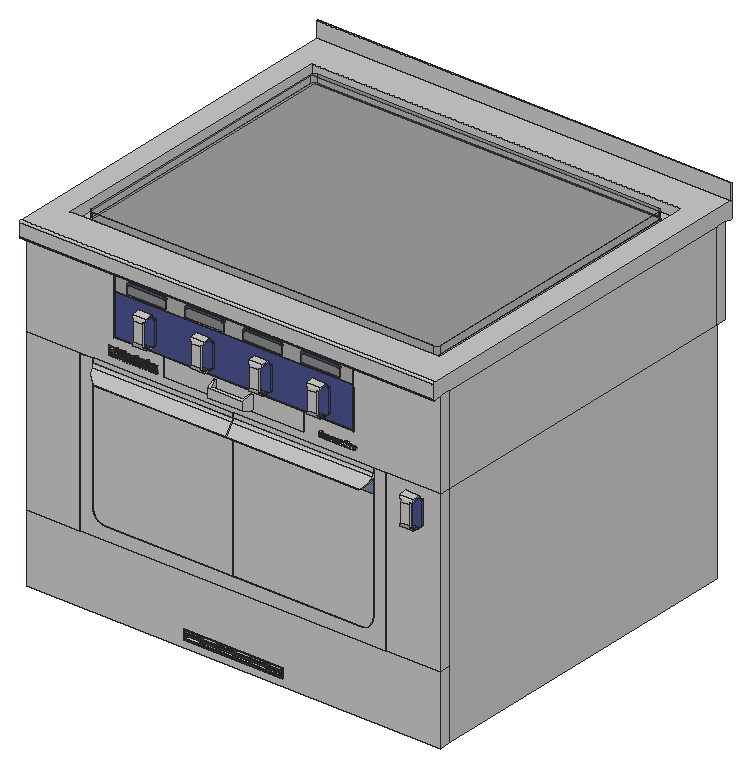
Revit family "QF_ELECTROLUXPROFESSIONAL_589702_MCLPFBJ4AO", category Attrezzature speciali, Revit 2020
Family settings
  Quota connettore circolare = Usa diametro
  Tipo di parte = Normale
  Basato su piano di lavoro = No
  Sempre verticale = Sì
  Taglio con vuoti quando caricato = No
  Condiviso = No
  Punto di calcolo locali = No
Parameters (values of type "Standard")
  Weight = 193.00 kg
  Watts = 18300 W
  Volts = 400 V
  URL Manufacturer = "https://www.electroluxprofessional.com/"
  URL = "https://www.electroluxprofessional.com/"
  Steam Supply Size = 0"
  Steam Supply Minimum Pressure = 0.00 psi
  Steam Supply Maximum Pressure = 0.00 psi
  Steam Consumption per Hour = 0
  Refrigeration Suction Line Size = 0 mm
  Refrigeration Liquid Line Size = 0 mm
  Refrigerant Compressor Remote = yes
  Prospetto di default = 0 mm
  Phase = 3
  Modello = "MCLPFBJ4AO"
  Produttore = "Electrolux Professional"
  Length Actual = 1000 mm  # constant formula
  Item Number = "589702"
  Hot Water Size = 0"
  Height Actual = 800 mm  # constant formula
  HP = "24.5 HP"
  Gas Size = 0"
  Gas KW = 0
  Gas Input Pressure = 0.0 Btu/h
  Direct Waste Size = 0"
  Descrizione = "EL.SOLID TOP,WARM.CAB.1S,BS,1000X900X8"
  Depth Actual = 900 mm  # constant formula
  Cycle = 50 Hz
  Condensate Return Size = 0"
  Compressed Air Volume = 0 GPM
  Compressed Air Size = 0"
  Compressed Air Pressure = 0.00 psi
  Cold Water Size = 0"
  Accessory = yes
Reference planes
  plane 1 "BACK": y = 0
  plane 2: z = 0
  plane 3 "LEFT": x = -100
  plane 4 "RIGHT": x = 900
  plane 5 "FRONT": y = -900
  plane 6 "TOP": z = 900
  plane 7 "Center (Left/Right)": x = 400
  plane 8: y = -450
  plane 9: z = 100
  plane 10: y = -150
  plane 11 "Panel": y = -855
  plane 12: z = 798
  plane 13: z = 1327
  plane 14: x = -22
  plane 15: x = 822
  plane 16: y = -150
  plane 17: y = -650
  plane 18 "EIx": x = 855
  plane 19 "EIy": y = -685
  plane 20: y = -880
  plane 21: z = 938
Forms (mm)
  Extrusion 1, solid, material "QF_Finishes_Stainless Steel"
    sketch origin (-178.969, -4572, 100) x (-1, 0, 0) y (0, -1, 0)
      loop
        line (-78.969, -4527) -> (-78.969, -3717) -> (-1078.969, -3717) -> (-1078.969, -4527) -> (-78.969, -4527)
    from 549.969 to 762.969
  Extrusion 2, solid, material "QF_Finishes_Stainless Steel"
    sketch origin (-100, 0, -100) x (0, 1, 0) y (0, 0, 1)
      loop
        line (-855, 200) -> (-855, 365) -> (-880, 365) -> (-880, 200) -> (-855, 200)
    from 0 to 1000
  Extrusion 3, solid, material "QF_Finishes_Stainless Steel"
    sketch origin (-488.969, -4662, 100) x (-1, 0, 0) y (0, -1, 0)
      loop
        circle (-1343.969, -3977) r 6.35
    from 0 to -11.851
  Extrusion 4, solid, material "QF_Finishes_Stainless Steel"
    sketch origin (400, 296.4, 1219.2) x (0, 1, 0) y (0, 0, 1)
      loop
        line (-296.4, -319.2) -> (-1191.4, -319.2)
        arc (-1191.4, -319.2) -> (-1194.935, -320.664) -> (-1196.4, -324.2) r 5
        line (-1196.4, -324.2) -> (-1196.4, -355.2)
        arc (-1196.4, -355.2) -> (-1194.971, -358.264) -> (-1191.705, -359.139) r 4
        line (-1191.705, -359.139) -> (-1176.4, -356.231) -> (-316.4, -356.231) -> (-301.094, -359.139)
        arc (-301.094, -359.139) -> (-297.829, -358.264) -> (-296.4, -355.2) r 4
        line (-296.4, -355.2) -> (-296.4, -319.2)
    from -500 to 500
  Extrusion 5, solid, material "QF_Finishes_Electrolux_Black Smoke Iluminated"
    sketch origin (0, 0, 900) x (-1, 0, 0) y (0, -1, 0)
      loop
        arc (12, 109) -> (19.071, 111.929) -> (22, 119) r 10
        line (22, 119) -> (22, 780)
        arc (22, 780) -> (19.071, 787.071) -> (12, 790) r 10
        line (12, 790) -> (-812, 790)
        arc (-812, 790) -> (-819.071, 787.071) -> (-822, 780) r 10
        line (-822, 780) -> (-822, 119)
        arc (-822, 119) -> (-819.071, 111.929) -> (-812, 109) r 10
        line (-812, 109) -> (12, 109)
    from 0 to -20
  Extrusion 6, solid, material "QF_Finishes_Stainless Steel"
    sketch origin (-178.969, -4572, 100) x (-1, 0, 0) y (0, -1, 0)
      loop
        line (-78.969, -4527) -> (-78.969, -3717) -> (-1078.969, -3717) -> (-1078.969, -4527) -> (-78.969, -4527)
    from 549.969 to 0
  Extrusion 7, void
    sketch origin (0, -855, -100) x (-1, 0, 0) y (0, 0, 1)
      loop
        line (-520, 216.594) -> (-280, 216.594) -> (-280, 241.594) -> (-520, 241.594) -> (-520, 216.594)
    from 0 to -25
  Extrusion 8, solid, material "QF_Finishes_Black"
    sketch origin (0, -855, -100) x (-1, 0, 0) y (0, 0, 1)
      loop
        line (-280, 241.594) -> (-520, 241.594) -> (-520, 216.594) -> (-280, 216.594) -> (-280, 241.594)
      loop
        line (-282, 239.594) -> (-319.131, 239.594) -> (-319.131, 230.094) -> (-282, 230.094) -> (-282, 239.594)
      loop
        line (-282, 218.594) -> (-282, 228.094) -> (-319.131, 228.094) -> (-319.131, 218.594) -> (-282, 218.594)
      loop
        line (-321.131, 239.594) -> (-359.066, 239.594) -> (-359.066, 230.094) -> (-321.131, 230.094) -> (-321.131, 239.594)
      loop
        line (-399, 239.594) -> (-399, 230.094) -> (-361.066, 230.094) -> (-361.066, 239.594) -> (-399, 239.594)
      loop
        line (-401, 239.594) -> (-438.934, 239.594) -> (-438.934, 230.094) -> (-401, 230.094) -> (-401, 239.594)
      loop
        line (-359.066, 218.594) -> (-321.131, 218.594) -> (-321.131, 228.094) -> (-359.066, 228.094) -> (-359.066, 218.594)
      loop
        line (-361.066, 218.594) -> (-361.066, 228.094) -> (-399, 228.094) -> (-399, 218.594) -> (-361.066, 218.594)
      loop
        line (-401, 228.094) -> (-438.934, 228.094) -> (-438.934, 218.594) -> (-401, 218.594) -> (-401, 228.094)
      loop
        line (-518, 239.594) -> (-518, 230.094) -> (-480.869, 230.094) -> (-480.869, 239.594) -> (-518, 239.594)
      loop
        line (-518, 218.594) -> (-480.869, 218.594) -> (-480.869, 228.094) -> (-518, 228.094) -> (-518, 218.594)
      loop
        line (-478.869, 239.594) -> (-478.869, 230.094) -> (-440.934, 230.094) -> (-440.934, 239.594) -> (-478.869, 239.594)
      loop
        line (-440.934, 218.594) -> (-440.934, 228.094) -> (-478.869, 228.094) -> (-478.869, 218.594) -> (-440.934, 218.594)
    from -25.03 to -20
  Extrusion 9, void
    sketch origin (0, 0, 900) x (-1, 0, 0) y (0, -1, 0)
      loop
        line (47, 815) -> (-847, 815) -> (-847, 84) -> (47, 84) -> (47, 815)
    from 0 to -25
  Extrusion 10, solid, material "QF_Finishes_Stainless Steel"
    sketch origin (0, 0, 900) x (-1, 0, 0) y (0, -1, 0)
      loop
        line (18, 113) -> (18, 786) -> (-818, 786) -> (-818, 113) -> (18, 113)
    from -20 to -25
  Extrusion 11, solid, material "QF_Finishes_Stainless Steel"
    sketch origin (400, 296.4, 1219.169) x (0, 1, 0) y (0, 0, 1)
      loop
        line (-341.4, -356.2) -> (-341.4, -569.2) -> (-316.4, -569.2) -> (-316.4, -356.2) -> (-341.4, -356.2)
    from -500 to 500
  Extrusion 12, solid, material "QF_Finishes_Stainless Steel"
    sketch origin (0, -900, 0) x (1, 0, 0) y (0, 0, 1)
      loop
        line (-100, 649.969) -> (-100, 265) -> (30, 265) -> (30, 649.969) -> (-100, 649.969)
      loop
        line (900, 650) -> (770, 650) -> (770, 265) -> (900, 265) -> (900, 650)
    from -45 to -20
  Extrusion 13, solid, material "QF_Finishes_Stainless Steel"
    sketch origin (0, -900, 0) x (1, 0, 0) y (0, 0, 1)
      loop
        line (32, 265) -> (768, 265) -> (768, 650) -> (740, 650) -> (740, 327)
        arc (740, 327) -> (730.627, 304.373) -> (708, 295) r 32
        line (708, 295) -> (92, 295)
        arc (92, 295) -> (69.373, 304.373) -> (60, 327) r 32
        line (60, 327) -> (60, 649.969) -> (32, 649.969) -> (32, 265)
    from -45 to -20
  Extrusion 14, solid, material "QF_Finishes_Stainless Steel"
    sketch origin (-100, 0, 0) x (0, 1, 0) y (0, 0, 1)
      loop
        line (0, 900) -> (0, 938) -> (-2, 938) -> (-2, 900) -> (0, 900)
    from 0 to 1000
Cuts and joins
  Extrusion 7 cuts Extrusion 6
  Extrusion 7 cuts Extrusion 2
  Extrusion 9 cuts Extrusion 4
Lines and regions (mm)
  symbolic lines
    curve 1: line (-100, 0, 100) -> (900, 0, 100)
    curve 2: line (-100, -900, 100) -> (-100, 0, 100)
    curve 3: line (900, -900, 100) -> (-100, -900, 100)
    curve 4: line (900, 0, 100) -> (900, -900, 100)
    curve 5: line (812, -109, 100) -> (-12, -109, 100)
    curve 6: line (-22, -119, 100) -> (-22, -780, 100)
    curve 7: line (-12, -790, 100) -> (812, -790, 100)
    curve 8: line (822, -780, 100) -> (822, -119, 100)
    curve 9: arc (-12, -109, 100) -> (-19.071, -111.929, 100) -> (-22, -119, 100) r 10
    curve 10: arc (822, -119, 100) -> (819.071, -111.929, 100) -> (812, -109, 100) r 10
    curve 11: arc (812, -790, 100) -> (819.071, -787.071, 100) -> (822, -780, 100) r 10
    curve 12: arc (-22, -780, 100) -> (-19.071, -787.071, 100) -> (-12, -790, 100) r 10
    curve 13: line (847, -84, 900) -> (-47, -84, 900)
    curve 14: line (-47, -84, 900) -> (-47, -815, 900)
    curve 15: line (847, -815, 900) -> (847, -84, 900)
    curve 16: line (-47, -815, 900) -> (847, -815, 900)
  model lines, style "SpecialityEquipment"
    curve 17: arc (634, -211, 900) -> (580.967, -339.033, 900) -> (709, -286, 900) r 75
    curve 18: line (689, -286, 900) -> (729, -286, 900)
    curve 19: line (729, -286, 900) -> (709, -266, 900)
    curve 20: line (689, -286, 900) -> (709, -266, 900)
    curve 21: arc (166, -211, 900) -> (112.967, -339.033, 900) -> (241, -286, 900) r 75
    curve 22: line (221, -286, 900) -> (261, -286, 900)
    curve 23: line (261, -286, 900) -> (241, -266, 900)
    curve 24: line (221, -286, 900) -> (241, -266, 900)
    curve 25: arc (634, -539, 900) -> (580.967, -667.033, 900) -> (709, -614, 900) r 75
    curve 26: line (689, -614, 900) -> (729, -614, 900)
    curve 27: line (729, -614, 900) -> (709, -594, 900)
    curve 28: line (689, -614, 900) -> (709, -594, 900)
    curve 29: arc (166, -539, 900) -> (112.967, -667.033, 900) -> (241, -614, 900) r 75
    curve 30: line (221, -614, 900) -> (261, -614, 900)
    curve 31: line (261, -614, 900) -> (241, -594, 900)
    curve 32: line (221, -614, 900) -> (241, -594, 900)
  symbolic lines, style "SpecialityEquipment"
    curve 33: line (-100, -2, 0) -> (900, -2, 0)
Dimensions and locks
  plane 3 "LEFT" to plane 4 "RIGHT" = 1000 mm
  plane 5 "FRONT" to plane 1 "BACK" = 900 mm
  plane 3 "LEFT" to plane 7 "Center (Left/Right)" to plane 4 "RIGHT" = 500 mm, 500 mm
  equal spacing: plane 5 "FRONT", plane 8, plane 1 "BACK"
  plane 6 "TOP" to level = 900 mm  (x2)
  plane 9 to level = 100 mm
  plane 1 "BACK" to plane 10 to plane 11 "Panel" = 150 mm, 705 mm  (x2)
  plane 6 "TOP" to plane 9 to level = 800 mm, 100 mm
  plane 1 "BACK" to plane 5 "FRONT" = 900 mm
  plane 1 "BACK" to Extrusion 3 = 685 mm
  plane 12 to plane 9 = 698 mm
  plane 13 to plane 6 "TOP" = 427 mm
  plane 6 "TOP" to plane 12 = 102 mm
  plane 14 to plane 3 "LEFT" = 78 mm
  plane 15 to plane 4 "RIGHT" = 78 mm
  locked: plane 1 "BACK" to plane 16 at 150
  locked: plane 16 to plane 17 at 500
  plane 11 "Panel" to plane 5 "FRONT" = 45 mm
  plane 18 "EIx" to plane 4 "RIGHT" = 45 mm
  plane 19 "EIy" to plane 1 "BACK" = 685 mm
  locked: plane 11 "Panel" to plane 20 at 25
  plane 21 to plane 6 "TOP" = 38 mm
  aligned and locked: level to plane 2
  aligned and locked: Extrusion 2 to plane 4 "RIGHT"
  aligned and locked: cut or joined group of Extrusion 4, Extrusion 9 to plane 3 "LEFT"
  aligned and locked: cut or joined group of Extrusion 4, Extrusion 9 to plane 4 "RIGHT"
  aligned and locked: cut or joined group of Extrusion 6, Extrusion 7 to plane 4 "RIGHT"
  aligned and locked: cut or joined group of Extrusion 6, Extrusion 7 to plane 3 "LEFT"
  aligned and locked: nested 2 to plane 11 "Panel"
  aligned and locked: Extrusion 1 to plane 11 "Panel"
  aligned and locked: plane 11 "Panel" to cut or joined group of Extrusion 2, Extrusion 7
  aligned and locked: nested 1 to plane 20
  aligned and locked: Extrusion 11 to plane 4 "RIGHT"
  aligned and locked: Extrusion 1 to plane 3 "LEFT"
  aligned and locked: Extrusion 11 to plane 3 "LEFT"
  aligned and locked: Extrusion 1 to plane 4 "RIGHT"
  aligned and locked: plane 7 "Center (Left/Right)" to nested 3
  aligned and locked: Extrusion 12 to nested 2
  aligned and locked: plane 20 to Extrusion 12
  aligned and locked: plane 11 "Panel" to Extrusion 13
  aligned and locked: plane 20 to Extrusion 13
Automatic sketch dimensions
  curve 33 to plane 3 "LEFT" = 0 mm
  curve 33 to plane 4 "RIGHT" = 0 mm
  plane 1 "BACK" to curve 33 = 2 mm
  Extrusion 1 sketch curve to plane 4 "RIGHT" = 0 mm
  Extrusion 1 sketch curve to plane 3 "LEFT" = 0 mm
  Extrusion 1 sketch curve to plane 11 "Panel" = 0 mm
  plane 1 "BACK" to Extrusion 1 sketch curve = 45 mm
  Extrusion 2 sketch curve to plane 9 = 0 mm
  Extrusion 2 sketch curve to plane 20 = 0 mm
  Extrusion 2 sketch curve to plane 11 "Panel" = 0 mm
  plane 9 to Extrusion 2 sketch curve = 165 mm
  plane 1 "BACK" to curve 1 = 0 mm
  curve 1 to plane 4 "RIGHT" = 0 mm
  curve 8 to plane 15 = 0 mm
  curve 6 to plane 14 = 0 mm
  curve 2 to plane 3 "LEFT" = 0 mm
  plane 5 "FRONT" to curve 3 = 0 mm
  plane 15 to curve 5 = 10 mm
  plane 15 to curve 11 = 10 mm
  curve 5 to plane 14 = 10 mm
  curve 12 to curve 12 = 10 mm
  plane 10 to curve 5 = 41 mm
  plane 11 "Panel" to curve 11 = 75 mm
  Extrusion 3 sketch curve to plane 18 "EIx" = 0 mm
  Extrusion 3 sketch curve to plane 19 "EIy" = 0 mm
  Extrusion 4 sketch curve to plane 5 "FRONT" = 0 mm
  Extrusion 4 sketch curve to plane 6 "TOP" = 0 mm
  Extrusion 4 sketch curve to plane 20 = 0 mm
  Extrusion 4 sketch curve to plane 1 "BACK" = 0 mm
  Extrusion 4 sketch curve to Extrusion 4 sketch curve = 4 mm
  Extrusion 4 sketch curve to Extrusion 4 sketch curve = 0.695 mm
  Extrusion 4 sketch curve to plane 5 "FRONT" = 5 mm
  plane 1 "BACK" to Extrusion 4 sketch curve = 20 mm
  plane 1 "BACK" to Extrusion 4 sketch curve = 4.695 mm
  plane 1 "BACK" to Extrusion 4 sketch curve = 4 mm
  Extrusion 4 sketch curve to Extrusion 4 sketch curve = 31 mm
  Extrusion 4 sketch curve to Extrusion 4 sketch curve = 36 mm
  Extrusion 4 sketch curve to Extrusion 4 sketch curve = 2.909 mm
  Extrusion 5 sketch curve to plane 15 = 0 mm
  Extrusion 5 sketch curve to plane 14 = 0 mm
  plane 15 to Extrusion 5 sketch curve = 10 mm  (x2)
  Extrusion 5 sketch curve to Extrusion 5 sketch curve = 10 mm  (x2)
  plane 10 to Extrusion 5 sketch curve = 41 mm
  plane 11 "Panel" to Extrusion 5 sketch curve = 75 mm
  Extrusion 6 sketch curve to plane 4 "RIGHT" = 0 mm
  Extrusion 6 sketch curve to plane 3 "LEFT" = 0 mm
  Extrusion 6 sketch curve to plane 11 "Panel" = 0 mm
  plane 1 "BACK" to Extrusion 6 sketch curve = 45 mm
  plane 9 to Extrusion 7 sketch curve = 41.594 mm
  plane 7 "Center (Left/Right)" to Extrusion 7 sketch curve = 120 mm
  Extrusion 7 sketch curve to plane 7 "Center (Left/Right)" = 120 mm
  plane 9 to Extrusion 7 sketch curve = 16.594 mm
  plane 9 to Extrusion 8 sketch curve = 41.594 mm
  plane 7 "Center (Left/Right)" to Extrusion 8 sketch curve = 120 mm
  Extrusion 8 sketch curve to Extrusion 8 sketch curve = 2 mm  (x15)
  Extrusion 8 sketch curve to Extrusion 8 sketch curve = 0 mm  (x16)
  Extrusion 8 sketch curve to Extrusion 8 sketch curve = 37.131 mm  (x2)
  Extrusion 8 sketch curve to Extrusion 8 sketch curve = 37.934 mm  (x3)
  plane 7 "Center (Left/Right)" to Extrusion 8 sketch curve = 1 mm  (x2)
  Extrusion 8 sketch curve to plane 7 "Center (Left/Right)" = 1 mm  (x2)
  plane 9 to Extrusion 8 sketch curve = 18.594 mm  (x4)
  Extrusion 8 sketch curve to Extrusion 8 sketch curve = 9.5 mm  (x6)
  plane 18 "EIx" to Extrusion 9 sketch curve = 8 mm
  plane 14 to Extrusion 9 sketch curve = 25 mm
  plane 10 to Extrusion 9 sketch curve = 66 mm
  plane 11 "Panel" to Extrusion 9 sketch curve = 40 mm
  plane 15 to Extrusion 10 sketch curve = 4 mm
  Extrusion 10 sketch curve to plane 14 = 4 mm
  plane 10 to Extrusion 10 sketch curve = 37 mm
  plane 11 "Panel" to Extrusion 10 sketch curve = 69 mm
  plane 18 "EIx" to curve 16 = 8 mm
  plane 15 to curve 19 = 93 mm
  curve 27 to plane 17 = 36 mm
  plane 15 to curve 27 = 93 mm
  curve 26 to curve 27 = 20 mm
  curve 18 to curve 20 = 20 mm
  curve 19 to curve 20 = 20 mm
  curve 28 to curve 26 = 20 mm
  curve 18 to curve 17 = 55 mm
  curve 26 to curve 25 = 55 mm
  curve 31 to plane 17 = 36 mm
  curve 31 to plane 7 "Center (Left/Right)" = 139 mm
  curve 23 to plane 7 "Center (Left/Right)" = 139 mm
  curve 22 to curve 24 = 20 mm
  curve 30 to curve 31 = 20 mm
  curve 32 to curve 32 = 20 mm
  curve 23 to curve 24 = 20 mm
  curve 22 to curve 21 = 55 mm
  curve 30 to curve 29 = 55 mm
  plane 14 to curve 14 = 25 mm
  curve 22 to plane 10 = 136 mm
  curve 18 to plane 10 = 136 mm
  plane 10 to curve 13 = 66 mm
  plane 11 "Panel" to curve 15 = 40 mm
  curve 25 to curve 26 = 20 mm
  curve 17 to curve 18 = 20 mm
  curve 29 to curve 30 = 20 mm
  curve 21 to curve 22 = 20 mm
  plane 1 "BACK" to Extrusion 11 sketch curve = 45 mm
  plane 1 "BACK" to Extrusion 11 sketch curve = 20 mm
  Extrusion 11 sketch curve to plane 12 = 148.031 mm
  Extrusion 11 sketch curve to plane 6 "TOP" = 37.031 mm
  Extrusion 12 sketch curve to plane 3 "LEFT" = 0 mm
  plane 4 "RIGHT" to Extrusion 12 sketch curve = 0 mm
  Extrusion 12 sketch curve to plane 14 = 52 mm
  plane 15 to Extrusion 12 sketch curve = 52 mm
  plane 9 to Extrusion 12 sketch curve = 165 mm  (x2)
  Extrusion 12 sketch curve to plane 12 = 148.031 mm
  Extrusion 12 sketch curve to plane 12 = 148 mm
  Extrusion 13 sketch curve to plane 14 = 54 mm
  Extrusion 13 sketch curve to Extrusion 13 sketch curve = 28 mm
  Extrusion 13 sketch curve to Extrusion 13 sketch curve = 32 mm  (x2)
  plane 15 to Extrusion 13 sketch curve = 114 mm
  plane 15 to Extrusion 13 sketch curve = 54 mm
  plane 9 to Extrusion 13 sketch curve = 165 mm
  Extrusion 13 sketch curve to Extrusion 13 sketch curve = 30 mm
  Extrusion 13 sketch curve to plane 12 = 148.031 mm
  Extrusion 13 sketch curve to plane 12 = 148 mm
  Extrusion 14 sketch curve to plane 6 "TOP" = 0 mm
  Extrusion 14 sketch curve to plane 21 = 0 mm
  Extrusion 14 sketch curve to plane 1 "BACK" = 0 mm
  Extrusion 14 sketch curve to Extrusion 14 sketch curve = 2 mm
  radius of Extrusion 3 sketch curve = 6.35 mm
Nested families
  nested 1: "FIT Range Control Handle" at (835, -883.137, -372.751), type "FIT Range Control Handle"
  nested 2: "Front_Panel_W1000_Four Knobs" at (102.376, -855, 0), type "Front_Panel_W1000_Four Knobs"
  nested 3: "H450H2W1000_2DOOR" at (363.958, -855, 200) x (1, 0, 0) z (0, -1, 0), type "H450H2W1000_2DOOR"
    with Width 680 mm, Wdoor 340 mm, Show Clearance yes
  nested 4: "Warm" at (900, -900, 0), type "Warm"
Connectors
  electrical at (855, -685, 88.149)
    settings: on Extrusion 3, index 1, voltage 400 V, apparent load 33000 VA, apparent load phase1 0 VA, apparent load phase2 0 VA, apparent load phase3 0 VA, power factor 1, load classification "Other", number of poles 1, system type 30, power factor state 1, is connector primary yes, connector utility no, sub classification motor no, connector description "ELECTRICAL CONNECTION"
Definition of nested family "FIT Range Control Handle"
  Parameters
    Default Elevation = 0 mm
  Reference planes
    plane 1 "Center (Front/Back)": y = 0
    plane 2: z = 0
    plane 3 "Center (Left/Right)": x = 0
    plane 4: z = 971.092
    plane 5: y = -16.8
  Forms (mm)
    Extrusion 1, solid
      sketch origin (-746.28, 380.497, 208.931) x (-1, 0, 0) y (0, 0, 1)
        loop
          line (-770.101, 786.798) -> (-770.101, 731.649)
          arc (-770.101, 731.649) -> (-769.759, 730.563) -> (-768.855, 729.87) r 1.893
          line (-768.855, 729.87) -> (-763.474, 727.911) -> (-729.81, 727.911) -> (-724.428, 729.87)
          arc (-724.428, 729.87) -> (-723.525, 730.563) -> (-723.183, 731.649) r 1.893
          line (-723.183, 731.649) -> (-723.183, 786.798)
          arc (-723.183, 786.798) -> (-723.529, 787.894) -> (-724.44, 788.593) r 1.91
          line (-724.44, 788.593) -> (-729.683, 790.819) -> (-763.601, 790.819) -> (-768.844, 788.593)
          arc (-768.844, 788.593) -> (-769.755, 787.894) -> (-770.101, 786.798) r 1.91
      from -382.35 to -378.852
    Sweep 2, solid
      path origin (-746.788, 380.496, 208.091) x (0, -1, 0) y (0, 0, 1)
        loop
          line (379.775, 793.281) -> (395.661, 791.048)
          arc (395.661, 791.048) -> (397.781, 787.377) -> (398.517, 783.202) r 12.207
          line (398.517, 783.202) -> (398.517, 737.368)
          arc (398.517, 737.368) -> (397.781, 733.193) -> (395.661, 729.522) r 12.207
          line (395.661, 729.522) -> (379.775, 727.289)
      profile origin (-746.788, -7.222, 1000.256) x (0, -0.139173, 0.990268) y (-1, 0, 0)
        loop
          line (0.782, -763.123) -> (0.782, -730.907) -> (-1.322, -730.907) -> (-1.322, -763.123) -> (0.782, -763.123)
    Sweep 3, solid
      path origin (-746.788, 380.715, 207.832) x (0, -1, 0) y (0, 0, 1)
        loop
          line (380.478, 795.442) -> (397.218, 793.09)
          arc (397.218, 793.09) -> (399.929, 788.473) -> (400.871, 783.202) r 15.207
          line (400.871, 783.202) -> (400.871, 737.584)
          arc (400.871, 737.584) -> (399.914, 732.274) -> (397.164, 727.633) r 15.207
          line (397.164, 727.633) -> (380.601, 725.305)
      profile origin (-746.788, -8.132, 1002.099) x (0, -0.139173, 0.990268) y (-1, 0, 0)
        loop
          line (0.782, -763.123) -> (0.782, -730.907) -> (-1.322, -730.907) -> (-1.322, -763.123) -> (0.782, -763.123)
    Extrusion 4, void
      sketch origin (889.253, 220.666, 207.993) x (1, 0, 0) y (0, 0, 1)
        loop
          line (-943.038, 816.854) -> (-943.038, 703.686) -> (-899.466, 734.196) -> (-899.466, 786.344) -> (-943.038, 816.854)
      from 230.636 to 242.25
    Extrusion 5, void
      sketch origin (-888.8, 220.666, 207.993) x (-1, 0, 0) y (0, 0, -1)
        loop
          line (-943.038, -816.854) -> (-899.466, -786.344) -> (-899.466, -734.196) -> (-943.038, -703.686) -> (-943.038, -816.854)
      from 230.636 to 242.25
    Extrusion 6, solid
      sketch origin (0, 0, 0) x (1, 0, 0) y (0, 0, 1)
        loop
          circle (0, 971.092) r 7.736
      from -3.137 to -1.645
  Cuts and joins
    Extrusion 4, Extrusion 5 cuts Sweep 3
    Extrusion 4, Extrusion 5 cuts Sweep 2
    joined: Extrusion 1, Extrusion 6
  Lines and regions (mm)
    symbolic lines
      curve 1: line (-15.881, -19.189, 0) -> (-15.881, -16.8, 0)
      curve 2: line (16.334, -19.189, 0) -> (16.334, -16.8, 0)
      curve 3: spline (-15.881, -19.189, 0) -> (-15.417, -19.349, 0) -> (-14.951, -19.501, 0) -> (-14.483, -19.646, 0) -> (-14.014, -19.783, 0) -> (-13.543, -19.912, 0) -> (-13.071, -20.033, 0) -> (-12.597, -20.146, 0) -> (-12.122, -20.251, 0) -> (-11.646, -20.349, 0) -> (-11.169, -20.438, 0) -> (-10.691, -20.52, 0) -> (-10.213, -20.593, 0)
      curve 4: spline (10.666, -20.593, 0) -> (11.144, -20.52, 0) -> (11.622, -20.438, 0) -> (12.099, -20.349, 0) -> (12.575, -20.251, 0) -> (13.05, -20.146, 0) -> (13.524, -20.033, 0) -> (13.996, -19.912, 0) -> (14.467, -19.783, 0) -> (14.936, -19.646, 0) -> (15.404, -19.501, 0) -> (15.87, -19.349, 0) -> (16.334, -19.189, 0)
      curve 5: line (-10.213, -20.938, 0) -> (10.716, -20.938, 0)
  Dimensions and locks
    cut or joined group of Sweep 3, Extrusion 4, Extrusion 5 to cut or joined group of Sweep 3, Extrusion 4, Extrusion 5 = 71.686 mm
Definition of nested family "Front_Panel_W1000_Four Knobs"
  Parameters
    Default Elevation = 0 mm
  Reference planes
    plane 1 "Center (Front/Back)": y = 0
    plane 2: z = 0
    plane 3 "Center (Left/Right)": x = 297.624
    plane 4 "Left": x = -202.376
    plane 5 "Right": x = 797.624
    plane 6: y = -45
    plane 7: x = 87.624
    plane 8: x = 227.624
    plane 9: y = -310
    plane 10: y = -25
    plane 11: x = -2.376
    plane 12: x = 367.624
    plane 13: x = 507.624
    plane 14: x = 594.715
  Forms (mm)
    Extrusion 1, solid
      sketch origin (833.217, 829.203, -1.25) x (0, 1, 0) y (0, 0, 1)
        loop
          line (-854.203, 651.25) -> (-829.203, 651.25) -> (-829.203, 864.25) -> (-854.203, 864.25) -> (-854.203, 651.25)
      from -1035.593 to -35.593
    Extrusion 2, void
      sketch origin (0, 0, 0) x (1, 0, 0) y (0, 0, 1)
        loop
          line (7.624, 853.866) -> (7.624, 711.866) -> (587.624, 711.866) -> (587.624, 853.866) -> (7.624, 853.866)
      from 19.387 to 33.951
    Extrusion 3, void
      sketch origin (0, 0, 0) x (1, 0, 0) y (0, 0, 1)
        loop
          line (128.624, 711.866) -> (128.624, 668.866) -> (466.624, 668.866) -> (466.624, 711.866) -> (128.624, 711.866)
      from 19.387 to 25
    Extrusion 4, solid
      sketch origin (150, 0, 1) x (1, 0, 0) y (0, 0, 1)
        loop
          line (-21.376, 710.866) -> (-21.376, 667.866) -> (316.624, 667.866) -> (316.624, 710.866) -> (-21.376, 710.866)
      from 19.387 to 25
    Extrusion 5, solid
      sketch origin (150, 0, 1) x (1, 0, 0) y (0, 1, 0)
        loop
          line (106.059, -25) -> (100.966, -25) -> (105.646, -49.075) -> (189.603, -49.075) -> (194.283, -25) -> (189.189, -25) -> (185.481, -44.075) -> (109.767, -44.075) -> (106.059, -25)
      from 672.593 to 705.67
    Extrusion 6, void
      sketch origin (297.624, 0, 1) x (0, 1, 0) y (0, 0, 1)
        loop
          line (-30, 705.67) -> (-30, 710.67) -> (-56.744, 710.67) -> (-56.744, 667.593) -> (-30, 667.593) -> (-30, 672.593) -> (-53.776, 680.318) -> (-53.776, 697.945) -> (-30, 705.67)
      from -50 to 50
    Extrusion 7, solid, detail levels coarse
      sketch origin (150, -265, 1) x (1, 0, 0) y (0, 1, 0)
        loop
          line (106.164, -71.744) -> (189.084, -71.744) -> (194.283, -45) -> (316.624, -45) -> (316.624, 240) -> (-21.376, 240) -> (-21.376, -45) -> (100.966, -45) -> (106.164, -71.744)
      from 672.593 to 705.67
    Extrusion 8, void
      sketch origin (297.624, -280, 1) x (0, 1, 0) y (0, 0, 1)
        loop
          line (-30, 705.67) -> (-30, 710.67) -> (-56.744, 710.67) -> (-56.744, 667.593) -> (-30, 667.593) -> (-30, 672.593) -> (-53.776, 680.318) -> (-53.776, 697.945) -> (-30, 705.67)
      from -50 to 50
  Cuts and joins
    Extrusion 2, Extrusion 3 cuts Extrusion 1
    Extrusion 6 cuts Extrusion 5
    Extrusion 6, Extrusion 8 cuts Extrusion 7
  Lines and regions (mm)
    symbolic lines
      curve 1: line (128.624, -45, 0) -> (128.624, -310, 0)
      curve 2: line (128.624, -310, 0) -> (466.624, -310, 0)
      curve 3: line (466.624, -310, 0) -> (466.624, -45, 0)
      curve 4: line (128.624, -300, 0) -> (466.624, -300, 0)
      curve 5: line (250.908, -309.701, 0) -> (255.587, -333.776, 0)
      curve 6: line (255.587, -333.776, 0) -> (339.545, -333.776, 0)
      curve 7: line (339.545, -333.776, 0) -> (344.225, -309.701, 0)
      curve 8: line (256.001, -309.701, 0) -> (259.709, -328.776, 0)
      curve 9: line (259.709, -328.776, 0) -> (335.423, -328.776, 0)
      curve 10: line (335.423, -328.776, 0) -> (339.131, -309.701, 0)
  Dimensions and locks
    equal spacing: plane 5 "Right", plane 3 "Center (Left/Right)", plane 4 "Left"
    plane 5 "Right" to plane 4 "Left" = 1000 mm
    plane 3 "Center (Left/Right)" to plane 7 = 210 mm
    plane 3 "Center (Left/Right)" to plane 8 = 70 mm
    plane 6 to plane 9 = 265 mm
    plane 13 to plane 3 "Center (Left/Right)" = 210 mm
    plane 12 to plane 3 "Center (Left/Right)" = 70 mm
    aligned and locked: cut or joined group of Extrusion 1, Extrusion 2, Extrusion 3 to plane 4 "Left"
    aligned and locked: plane 5 "Right" to cut or joined group of Extrusion 1, Extrusion 2, Extrusion 3
    aligned and locked: plane 3 "Center (Left/Right)" to nested 2
    aligned and locked: cut or joined group of Extrusion 1, Extrusion 2, Extrusion 3 to nested 2
  Automatic sketch dimensions
    plane 7 to Extrusion 3 sketch curve = 41 mm
    plane 3 "Center (Left/Right)" to Extrusion 3 sketch curve = 169 mm
    level to Extrusion 3 sketch curve = 668.866 mm
    Extrusion 3 sketch curve to Extrusion 3 sketch curve = 43 mm
    Extrusion 1 sketch curve to plane 1 "Center (Front/Back)" = 0 mm
    level to Extrusion 1 sketch curve = 650 mm
    plane 4 "Left" to Extrusion 2 sketch curve = 210 mm
    Extrusion 2 sketch curve to plane 5 "Right" = 210 mm
    level to Extrusion 2 sketch curve = 711.866 mm
    Extrusion 2 sketch curve to Extrusion 2 sketch curve = 142 mm
    plane 6 to curve 1 = 0 mm
    plane 6 to curve 3 = 0 mm
    plane 9 to curve 1 = 0 mm
    plane 7 to curve 1 = 41 mm
    curve 1 to curve 4 = 10 mm
    Extrusion 1 sketch curve to plane 6 = 20 mm
    Extrusion 1 sketch curve to Extrusion 1 sketch curve = 213 mm
    plane 7 to Extrusion 4 sketch curve = 41 mm
    Extrusion 4 sketch curve to plane 13 = 41 mm
    level to Extrusion 4 sketch curve = 668.866 mm
    Extrusion 4 sketch curve to Extrusion 4 sketch curve = 43 mm
    plane 10 to Extrusion 5 sketch curve = 0 mm  (x2)
    plane 8 to Extrusion 5 sketch curve = 23.342 mm
    plane 6 to Extrusion 5 sketch curve = 4.075 mm
    Extrusion 5 sketch curve to Extrusion 5 sketch curve = 4.68 mm
    Extrusion 5 sketch curve to Extrusion 5 sketch curve = 5.094 mm  (x2)
    Extrusion 5 sketch curve to plane 6 = 0.925 mm
    Extrusion 5 sketch curve to Extrusion 5 sketch curve = 4.122 mm  (x2)
    Extrusion 5 sketch curve to plane 12 = 32.143 mm
    Extrusion 5 sketch curve to Extrusion 5 sketch curve = 3.708 mm
    plane 6 to Extrusion 6 sketch curve = 11.744 mm
    plane 6 to Extrusion 6 sketch curve = 8.776 mm
    plane 10 to Extrusion 6 sketch curve = 5 mm  (x2)
    level to Extrusion 6 sketch curve = 668.593 mm
    Extrusion 6 sketch curve to Extrusion 6 sketch curve = 5 mm
    Extrusion 6 sketch curve to Extrusion 6 sketch curve = 12.725 mm  (x2)
    Extrusion 6 sketch curve to Extrusion 6 sketch curve = 17.627 mm
    Extrusion 6 sketch curve to Extrusion 6 sketch curve = 7.725 mm
    plane 10 to Extrusion 7 sketch curve = 0 mm
    Extrusion 7 sketch curve to plane 9 = 0 mm  (x2)
    plane 7 to Extrusion 7 sketch curve = 41 mm
    plane 8 to Extrusion 7 sketch curve = 23.342 mm
    Extrusion 7 sketch curve to Extrusion 7 sketch curve = 5.199 mm
    Extrusion 7 sketch curve to plane 12 = 28.54 mm
    Extrusion 7 sketch curve to plane 12 = 23.342 mm
    Extrusion 7 sketch curve to plane 13 = 41 mm
    Extrusion 7 sketch curve to plane 9 = 26.744 mm
    Extrusion 8 sketch curve to plane 9 = 0 mm  (x2)
    Extrusion 8 sketch curve to plane 9 = 23.776 mm
    Extrusion 8 sketch curve to Extrusion 8 sketch curve = 2.968 mm
    level to Extrusion 8 sketch curve = 668.593 mm
    Extrusion 8 sketch curve to Extrusion 8 sketch curve = 5 mm
    Extrusion 8 sketch curve to Extrusion 8 sketch curve = 12.725 mm  (x2)
    Extrusion 8 sketch curve to Extrusion 8 sketch curve = 17.627 mm
    Extrusion 8 sketch curve to Extrusion 8 sketch curve = 7.725 mm
    curve 3 to plane 13 = 41 mm
    plane 9 to curve 5 = 0.299 mm
    plane 8 to curve 5 = 23.283 mm
    curve 5 to curve 5 = 4.68 mm
    plane 9 to curve 8 = 0.299 mm
    curve 5 to curve 8 = 5.094 mm
    curve 5 to curve 9 = 4.122 mm
    curve 9 to plane 12 = 32.201 mm
    plane 9 to curve 10 = 0.299 mm
    curve 9 to curve 10 = 3.708 mm
    curve 9 to curve 7 = 4.122 mm
    plane 9 to curve 7 = 0.299 mm
    curve 10 to curve 7 = 5.094 mm
    curve 9 to plane 9 = 18.776 mm
    curve 6 to curve 8 = 5 mm
  Nested families
    nested 1: "Range Control Handle" at (87.624, -28.137, -209.113) x (-1, 0, 0) z (0, 0, 1), type "Range Control Handle"
    nested 2: "Front glass control panel W1000" at (297.624, 280.644, 2.752), type "Front glass control panel W1000"
    nested 3: "Range Control Handle" at (227.624, -28.137, -209.113) x (-1, 0, 0) z (0, 0, 1), type "Range Control Handle"
    nested 4: "Range Control Handle" at (367.624, -28.137, -209.113), type "Range Control Handle"
    nested 5: "Range Control Handle" at (507.624, -28.137, -209.113), type "Range Control Handle"
    nested 6: "ELX_ThermaLine_Small" at (546.122, -25, 679.426) x (1, 0, 0) z (0, -1, 0), type "ELX_ThermaLine_Small"
      with Show Logo yes, Material_Logo none
    nested 7: "ELX_Professional_Logo_Small" at (57.11, -25, 681.659) x (1, 0, 0) z (0, -1, 0), type "ELX_Professional_Logo_Small"
      with Show Logo yes, Material_Logo none
  Definition of nested family "Range Control Handle"
    Parameters
      Default Elevation = 0 mm
    Reference planes
      plane 1 "Center (Front/Back)": y = 0
      plane 2: z = 0
      plane 3 "Center (Left/Right)": x = 0
      plane 4: z = 971.092
      plane 5: y = -16.9
    Forms (mm)
      Extrusion 1, solid
        sketch origin (-746.28, 380.497, 208.931) x (-1, 0, 0) y (0, 0, 1)
          loop
            line (-770.101, 786.798) -> (-770.101, 731.649)
            arc (-770.101, 731.649) -> (-769.759, 730.563) -> (-768.855, 729.87) r 1.893
            line (-768.855, 729.87) -> (-763.474, 727.911) -> (-729.81, 727.911) -> (-724.428, 729.87)
            arc (-724.428, 729.87) -> (-723.525, 730.563) -> (-723.183, 731.649) r 1.893
            line (-723.183, 731.649) -> (-723.183, 786.798)
            arc (-723.183, 786.798) -> (-723.529, 787.894) -> (-724.44, 788.593) r 1.91
            line (-724.44, 788.593) -> (-729.683, 790.819) -> (-763.601, 790.819) -> (-768.844, 788.593)
            arc (-768.844, 788.593) -> (-769.755, 787.894) -> (-770.101, 786.798) r 1.91
        from -382.35 to -378.852
      Sweep 2, solid
        path origin (-746.788, 380.496, 208.091) x (0, -1, 0) y (0, 0, 1)
          loop
            line (379.775, 793.281) -> (395.661, 791.048)
            arc (395.661, 791.048) -> (397.781, 787.377) -> (398.517, 783.202) r 12.207
            line (398.517, 783.202) -> (398.517, 737.368)
            arc (398.517, 737.368) -> (397.781, 733.193) -> (395.661, 729.522) r 12.207
            line (395.661, 729.522) -> (379.775, 727.289)
        profile origin (-746.788, -7.222, 1000.256) x (0, -0.139173, 0.990268) y (-1, 0, 0)
          loop
            line (0.782, -763.123) -> (0.782, -730.907) -> (-1.322, -730.907) -> (-1.322, -763.123) -> (0.782, -763.123)
      Sweep 3, solid
        path origin (-746.788, 380.715, 207.832) x (0, -1, 0) y (0, 0, 1)
          loop
            line (380.478, 795.442) -> (397.218, 793.09)
            arc (397.218, 793.09) -> (399.929, 788.473) -> (400.871, 783.202) r 15.207
            line (400.871, 783.202) -> (400.871, 737.584)
            arc (400.871, 737.584) -> (399.914, 732.274) -> (397.164, 727.633) r 15.207
            line (397.164, 727.633) -> (380.601, 725.305)
        profile origin (-746.788, -8.132, 1002.099) x (0, -0.139173, 0.990268) y (-1, 0, 0)
          loop
            line (0.782, -763.123) -> (0.782, -730.907) -> (-1.322, -730.907) -> (-1.322, -763.123) -> (0.782, -763.123)
      Extrusion 4, void
        sketch origin (889.253, 220.666, 207.993) x (1, 0, 0) y (0, 0, 1)
          loop
            line (-943.038, 816.854) -> (-943.038, 703.686) -> (-899.466, 734.196) -> (-899.466, 786.344) -> (-943.038, 816.854)
        from 230.636 to 242.25
      Extrusion 5, void
        sketch origin (-888.8, 220.666, 207.993) x (-1, 0, 0) y (0, 0, -1)
          loop
            line (-943.038, -816.854) -> (-899.466, -786.344) -> (-899.466, -734.196) -> (-943.038, -703.686) -> (-943.038, -816.854)
        from 230.636 to 242.25
      Extrusion 6, solid
        sketch origin (0, 0, 0) x (1, 0, 0) y (0, 0, 1)
          loop
            circle (0, 971.092) r 7.736
        from -3.137 to -1.645
    Cuts and joins
      Extrusion 4, Extrusion 5 cuts Sweep 3
      Extrusion 4, Extrusion 5 cuts Sweep 2
      joined: Extrusion 1, Extrusion 6
    Lines and regions (mm)
      symbolic lines
        curve 1: line (16.334, -16.9, 0) -> (16.334, -19.227, 0)
        curve 2: spline (16.334, -19.227, 0) -> (15.87, -19.385, 0) -> (15.404, -19.536, 0) -> (14.936, -19.678, 0) -> (14.466, -19.813, 0) -> (13.995, -19.94, 0) -> (13.523, -20.059, 0) -> (13.049, -20.171, 0) -> (12.575, -20.274, 0) -> (12.099, -20.37, 0) -> (11.622, -20.458, 0) -> (11.144, -20.537, 0) -> (10.666, -20.609, 0)
        curve 3: line (10.666, -16.9, 0) -> (10.666, -20.938, 0)
        curve 4: line (-10.213, -20.938, 0) -> (10.666, -20.938, 0)
        curve 5: line (-10.213, -20.938, 0) -> (-10.213, -16.9, 0)
        curve 6: spline (-10.213, -20.609, 0) -> (-10.691, -20.537, 0) -> (-11.169, -20.458, 0) -> (-11.646, -20.37, 0) -> (-12.122, -20.274, 0) -> (-12.597, -20.171, 0) -> (-13.07, -20.059, 0) -> (-13.542, -19.94, 0) -> (-14.013, -19.813, 0) -> (-14.483, -19.678, 0) -> (-14.951, -19.536, 0) -> (-15.417, -19.385, 0) -> (-15.881, -19.227, 0)
        curve 7: line (-15.881, -19.227, 0) -> (-15.881, -16.9, 0)
  Definition of nested family "Front glass control panel W1000"
    Parameters
      Default Elevation = 0 mm
    Reference planes
      plane 1 "Center (Front/Back)": y = 0
      plane 2: z = 0
      plane 3 "Center (Left/Right)": x = 0
    Forms (mm)
      Extrusion 1, solid
        sketch origin (378.286, 0, 0.617) x (1, 0, 0) y (0, 0, 1)
          loop
            line (-668.286, 806.791) -> (-668.286, 708.497) -> (-88.286, 708.497) -> (-88.286, 806.791) -> (-668.286, 806.791)
        from 300.031 to 304.8
      Extrusion 2, solid
        sketch origin (378.286, 0, 0.617) x (1, 0, 0) y (0, 0, 1)
          loop
            line (-668.286, 850.497) -> (-668.286, 806.791) -> (-88.286, 806.791) -> (-88.286, 850.497) -> (-668.286, 850.497)
        from 300.031 to 304.8
      Extrusion 3, void
        sketch origin (378.286, 0, 0.617) x (1, 0, 0) y (0, 0, 1)
          loop
            line (-665.628, 847.565) -> (-665.628, 710.699) -> (-91.196, 710.699) -> (-91.196, 847.565) -> (-665.628, 847.565)
        from 303.697 to 304.8
      Extrusion 4, solid
        sketch origin (-378.333, 1.101, -0.633) x (-1, 0, 0) y (0, 0, -1)
          loop
            line (-261.431, -812.62) -> (-355.186, -812.62) -> (-355.186, -834.177) -> (-350.269, -834.177) -> (-348.469, -835.977) -> (-268.039, -835.977) -> (-266.24, -834.177) -> (-261.431, -834.177) -> (-261.431, -812.62)
        from 304.798 to 306.745
      Extrusion 5, solid
        sketch origin (-378.333, 1.101, -0.633) x (-1, 0, 0) y (0, 0, -1)
          loop
            line (-350.269, -834.177) -> (-355.078, -834.177)
            arc (-355.078, -834.177) -> (-353.942, -838.747) -> (-349.686, -840.763) r 5.5
            line (-349.686, -840.763) -> (-266.98, -840.763)
            arc (-266.98, -840.763) -> (-262.706, -838.752) -> (-261.529, -834.177) r 5.549
            line (-261.529, -834.177) -> (-266.24, -834.177) -> (-268.039, -835.977) -> (-348.469, -835.977) -> (-350.269, -834.177)
        from 304.798 to 306.745
      Extrusion 6, solid
        sketch origin (-518.333, 1.101, -0.633) x (-1, 0, 0) y (0, 0, -1)
          loop
            line (-261.431, -812.62) -> (-355.186, -812.62) -> (-355.186, -834.177) -> (-350.269, -834.177) -> (-348.469, -835.977) -> (-268.039, -835.977) -> (-266.24, -834.177) -> (-261.431, -834.177) -> (-261.431, -812.62)
        from 304.798 to 306.745
      Extrusion 7, solid
        sketch origin (-518.333, 1.101, -0.633) x (-1, 0, 0) y (0, 0, -1)
          loop
            line (-350.269, -834.177) -> (-355.078, -834.177)
            arc (-355.078, -834.177) -> (-353.942, -838.747) -> (-349.686, -840.763) r 5.5
            line (-349.686, -840.763) -> (-266.98, -840.763)
            arc (-266.98, -840.763) -> (-262.706, -838.752) -> (-261.529, -834.177) r 5.549
            line (-261.529, -834.177) -> (-266.24, -834.177) -> (-268.039, -835.977) -> (-348.469, -835.977) -> (-350.269, -834.177)
        from 304.798 to 306.745
      Extrusion 8, solid
        sketch origin (378.333, 1.101, -0.633) x (1, 0, 0) y (0, 0, 1)
          loop
            line (-261.431, 812.62) -> (-261.431, 834.177) -> (-266.24, 834.177) -> (-268.039, 835.977) -> (-348.469, 835.977) -> (-350.269, 834.177) -> (-355.186, 834.177) -> (-355.186, 812.62) -> (-261.431, 812.62)
        from 304.798 to 306.745
      Extrusion 9, solid
        sketch origin (378.333, 1.101, -0.633) x (1, 0, 0) y (0, 0, 1)
          loop
            line (-350.269, 834.177) -> (-348.469, 835.977) -> (-268.039, 835.977) -> (-266.24, 834.177) -> (-261.529, 834.177)
            arc (-261.529, 834.177) -> (-262.706, 838.752) -> (-266.98, 840.763) r 5.549
            line (-266.98, 840.763) -> (-349.686, 840.763)
            arc (-349.686, 840.763) -> (-353.942, 838.747) -> (-355.078, 834.177) r 5.5
            line (-355.078, 834.177) -> (-350.269, 834.177)
        from 304.798 to 306.745
      Extrusion 10, solid
        sketch origin (518.333, 1.101, -0.633) x (1, 0, 0) y (0, 0, 1)
          loop
            line (-261.431, 812.62) -> (-261.431, 834.177) -> (-266.24, 834.177) -> (-268.039, 835.977) -> (-348.469, 835.977) -> (-350.269, 834.177) -> (-355.186, 834.177) -> (-355.186, 812.62) -> (-261.431, 812.62)
        from 304.798 to 306.745
      Extrusion 11, solid
        sketch origin (518.333, 1.101, -0.633) x (1, 0, 0) y (0, 0, 1)
          loop
            line (-350.269, 834.177) -> (-348.469, 835.977) -> (-268.039, 835.977) -> (-266.24, 834.177) -> (-261.529, 834.177)
            arc (-261.529, 834.177) -> (-262.706, 838.752) -> (-266.98, 840.763) r 5.549
            line (-266.98, 840.763) -> (-349.686, 840.763)
            arc (-349.686, 840.763) -> (-353.942, 838.747) -> (-355.078, 834.177) r 5.5
            line (-355.078, 834.177) -> (-350.269, 834.177)
        from 304.798 to 306.745
    Cuts and joins
      Extrusion 3 cuts Extrusion 1
      Extrusion 3 cuts Extrusion 2
    Dimensions and locks
      aligned and locked: Extrusion 1 to Extrusion 2
      aligned and locked: Extrusion 5 sketch curve to Extrusion 4  (x5)
      aligned and locked: Extrusion 5 to Extrusion 4
      aligned and locked: Extrusion 7 sketch curve to Extrusion 6  (x5)
      aligned and locked: Extrusion 7 to Extrusion 6
      aligned and locked: Extrusion 9 sketch curve to Extrusion 8  (x4)
      aligned and locked: Extrusion 8 to Extrusion 9 sketch curve
      aligned and locked: Extrusion 9 to Extrusion 8
      aligned and locked: Extrusion 11 sketch curve to Extrusion 10  (x4)
      aligned and locked: Extrusion 10 to Extrusion 11 sketch curve
      aligned and locked: Extrusion 11 to Extrusion 10
  Definition of nested family "ELX_ThermaLine_Small"
    Parameters
      Show Logo [instance] = yes
      Material_Logo [instance] = none
      Default Elevation = 0 mm
    Reference planes
      plane 1 "Centro (Fronte/Retro)": y = 0
      plane 2: z = 0
      plane 3 "Centro (Sinistra/Destra)": x = 0
    Forms (mm)
      Extrusion 1, solid
        sketch origin (0, 0, 0) x (1, 0, 0) y (0, 1, 0)
          loop
            line (-1219.2, 1219.2) -> (-1219.2, -1219.2) -> (1219.2, -1219.2) -> (1219.2, 1219.2) -> (-1219.2, 1219.2)
        from 0 to -304.8
      Extrusion 2, solid
        sketch origin (0, 0, 0) x (1, 0, 0) y (0, 1, 0)
          loop
            line (-37.494, 1.229) -> (-35.908, 1.229) -> (-35.908, 3.066) -> (-37.494, 3.066) -> (-37.494, 6.221) -> (-39.867, 4.881) -> (-39.867, 3.066) -> (-40.969, 3.066) -> (-40.969, 1.229) -> (-39.867, 1.229) -> (-39.867, -3.407)
            arc (-39.867, -3.407) -> (-38.982, -5.513) -> (-36.751, -6.001) r 2.478
            line (-36.751, -6.001) -> (-35.638, -5.7) -> (-35.9, -3.835) -> (-36.661, -4.039)
            arc (-36.661, -4.039) -> (-37.236, -3.924) -> (-37.494, -3.399) r 0.662
            line (-37.494, -3.399) -> (-37.494, 1.229)
          loop
            line (-34.242, 6.539) -> (-34.242, -5.848) -> (-31.854, -5.848) -> (-31.854, -0.078)
            arc (-31.854, -0.078) -> (-30.939, 1.249) -> (-29.33, 1.367) r 1.866
            arc (-29.33, 1.367) -> (-28.695, 0.768) -> (-28.461, -0.073) r 1.627
            line (-28.461, -0.073) -> (-28.461, -5.848) -> (-26.086, -5.848) -> (-26.064, -0.46)
            arc (-26.064, -0.46) -> (-26.261, 0.932) -> (-26.786, 2.237) r 5.825
            arc (-26.786, 2.237) -> (-29.381, 3.264) -> (-31.854, 1.971) r 3.353
            line (-31.854, 1.971) -> (-31.854, 6.539) -> (-34.242, 6.539)
          loop
            arc (-18.398, -0.598) -> (-18.893, 0.879) -> (-20.326, 1.487) r 1.897
            arc (-20.326, 1.487) -> (-21.461, 0.708) -> (-21.897, -0.598) r 2.164
            line (-21.897, -0.598) -> (-18.398, -0.598)
          loop
            arc (-16.021, -2.044) -> (-16.754, 1.227) -> (-19.444, 3.226) r 4.814
            arc (-19.444, 3.226) -> (-22.137, 2.788) -> (-23.943, 0.743) r 4.054
            arc (-23.943, 0.743) -> (-24.382, -1.249) -> (-24.162, -3.276) r 6.289
            arc (-24.162, -3.276) -> (-23.302, -4.71) -> (-21.958, -5.705) r 4.28
            arc (-21.958, -5.705) -> (-18.558, -5.814) -> (-16.152, -3.409) r 4.28
            line (-16.152, -3.409) -> (-18.5, -2.995)
            arc (-18.5, -2.995) -> (-19.273, -3.994) -> (-20.533, -4.076) r 1.536
            arc (-20.533, -4.076) -> (-21.56, -3.281) -> (-21.958, -2.044) r 2.197
            line (-21.958, -2.044) -> (-16.021, -2.044)
          loop
            line (-14.165, -5.848) -> (-11.819, -5.848) -> (-11.819, -2.138)
            arc (-11.819, -2.138) -> (-11.787, -1.156) -> (-11.637, -0.185) r 8.18
            arc (-11.637, -0.185) -> (-10.644, 0.972) -> (-9.132, 0.776) r 1.603
            line (-9.132, 0.776) -> (-8.419, 2.846)
            arc (-8.419, 2.846) -> (-10.432, 3.118) -> (-11.994, 1.821) r 2.527
            line (-11.994, 1.821) -> (-11.994, 3.094) -> (-14.165, 3.094) -> (-14.165, -5.848)
          loop
            line (-7.579, 3.094) -> (-7.579, -5.848) -> (-5.178, -5.848) -> (-5.178, -0.756)
            arc (-5.178, -0.756) -> (-4.727, 0.679) -> (-3.417, 1.419) r 2.05
            arc (-3.417, 1.419) -> (-2.499, 0.908) -> (-2.155, -0.085) r 1.471
            line (-2.155, -0.085) -> (-2.155, -5.848) -> (0.23, -5.848) -> (0.23, -1.001)
            arc (0.23, -1.001) -> (0.47, 0.127) -> (1.148, 1.061) r 2.775
            arc (1.148, 1.061) -> (2.225, 1.329) -> (3.05, 0.587) r 1.182
            arc (3.05, 0.587) -> (3.199, -0.019) -> (3.214, -0.642) r 2.894
            line (3.214, -0.642) -> (3.214, -5.848) -> (5.601, -5.848) -> (5.601, 0.261)
            arc (5.601, 0.261) -> (4.87, 2.263) -> (2.976, 3.241) r 2.932
            arc (2.976, 3.241) -> (1.284, 2.973) -> (-0.047, 1.896) r 3.309
            arc (-0.047, 1.896) -> (-1.116, 2.865) -> (-2.506, 3.258) r 3.16
            arc (-2.506, 3.258) -> (-4.105, 2.942) -> (-5.376, 1.92) r 3.419
            line (-5.376, 1.92) -> (-5.376, 3.094) -> (-7.579, 3.094)
          loop
            line (7.583, 0.738) -> (9.702, 0.364)
            arc (9.702, 0.364) -> (11.441, 1.492) -> (12.855, -0.023) r 1.613
            line (12.855, -0.023) -> (9.782, -0.789)
            arc (9.782, -0.789) -> (8.559, -1.346) -> (7.617, -2.305) r 3.687
            arc (7.617, -2.305) -> (7.499, -3.681) -> (7.901, -5.003) r 3.651
            arc (7.901, -5.003) -> (9.107, -5.766) -> (10.515, -6.006) r 3.635
            arc (10.515, -6.006) -> (11.898, -5.697) -> (13.067, -4.895) r 3.734
            line (13.067, -4.895) -> (13.376, -5.848) -> (15.75, -5.848) -> (15.212, -4.193) -> (15.212, 0.38)
            arc (15.212, 0.38) -> (14.897, 1.849) -> (13.818, 2.895) r 2.585
            arc (13.818, 2.895) -> (11.792, 3.442) -> (9.719, 3.11) r 5.005
            arc (9.719, 3.11) -> (8.369, 2.178) -> (7.583, 0.738) r 3.54
          loop
            line (19.723, -5.848) -> (22.233, -5.848) -> (24.854, 6.484) -> (22.345, 6.484) -> (19.723, -5.848)
          loop
            line (24.583, -5.848) -> (26.953, -5.848) -> (28.848, 3.066) -> (26.478, 3.066) -> (24.583, -5.848)
          loop
            line (27.204, 6.484) -> (26.741, 4.305) -> (29.111, 4.305) -> (29.575, 6.484) -> (27.204, 6.484)
          loop
            line (29.355, -5.848) -> (31.849, -5.848) -> (33.098, 0.028)
            arc (33.098, 0.028) -> (34.169, 1.306) -> (35.832, 1.422) r 2.132
            arc (35.832, 1.422) -> (36.324, 0.752) -> (36.383, -0.078) r 1.5
            line (36.383, -0.078) -> (35.157, -5.848) -> (37.536, -5.848) -> (38.936, 0.738)
            arc (38.936, 0.738) -> (38.775, 2.091) -> (37.825, 3.066) r 2.118
            arc (37.825, 3.066) -> (35.392, 3.175) -> (33.295, 1.937) r 4.271
            line (33.295, 1.937) -> (33.535, 3.066) -> (31.25, 3.066) -> (29.355, -5.848)
          loop
            line (42.792, -0.64) -> (46.589, -0.64)
            arc (46.589, -0.64) -> (46.639, 0.124) -> (46.327, 0.823) r 1.589
            arc (46.327, 0.823) -> (45.117, 1.521) -> (43.762, 1.183) r 1.865
            arc (43.762, 1.183) -> (43.141, 0.344) -> (42.792, -0.64) r 3.538
          loop
            line (42.565, -2.138) -> (48.593, -2.138)
            arc (48.593, -2.138) -> (48.58, 0.597) -> (46.983, 2.818) r 4.494
            arc (46.983, 2.818) -> (44.191, 3.28) -> (41.725, 1.891) r 4.26
            arc (41.725, 1.891) -> (40.503, -0.3) -> (40.284, -2.799) r 6.003
            arc (40.284, -2.799) -> (40.959, -4.468) -> (42.377, -5.576) r 3.482
            arc (42.377, -5.576) -> (44.265, -5.961) -> (46.152, -5.576) r 4.823
            arc (46.152, -5.576) -> (47.432, -4.731) -> (48.328, -3.485) r 4.245
            line (48.328, -3.485) -> (46.168, -3.105)
            arc (46.168, -3.105) -> (45.214, -4.072) -> (43.859, -4.181) r 1.953
            arc (43.859, -4.181) -> (42.821, -3.408) -> (42.565, -2.138) r 1.81
          loop
            line (12.868, -1.553) -> (10.216, -2.214)
            arc (10.216, -2.214) -> (9.747, -3.136) -> (10.216, -4.058) r 1.14
            arc (10.216, -4.058) -> (11.537, -4.249) -> (12.614, -3.46) r 1.763
            arc (12.614, -3.46) -> (12.858, -2.522) -> (12.868, -1.553) r 3.97
        from 0 to 1.6
    Dimensions and locks
      aligned and locked: plane 2 to Extrusion 1
      aligned and locked: level to Extrusion 1
  Definition of nested family "ELX_Professional_Logo_Small"
    Parameters
      Show Logo [instance] = yes
      Material_Logo [instance] = none
      Default Elevation = 0 mm
    Reference planes
      plane 1 "Centro (Fronte/Retro)": y = 0
      plane 2: z = 0
      plane 3 "Centro (Sinistra/Destra)": x = 0
    Forms (mm)
      Extrusion 1, solid
        sketch origin (0, 0, 0) x (1, 0, 0) y (0, 1, 0)
          loop
            line (-1219.2, 1219.2) -> (-1219.2, -1219.2) -> (1219.2, -1219.2) -> (1219.2, 1219.2) -> (-1219.2, 1219.2)
        from 0 to -304.8
      Extrusion 2, solid, material <- "Material_Logo"
        sketch origin (15.5, 0, 0) x (1, 0, 0) y (0, 1, 0)
          loop
            spline (-42.99, -1.24) -> (-43.195, -1.231) -> (-43.415, -1.203) -> (-43.642, -1.152) -> (-43.87, -1.074) -> (-44.095, -0.966) -> (-44.309, -0.825) -> (-44.506, -0.647) -> (-44.681, -0.429) -> (-44.828, -0.167) -> (-44.94, 0.142) -> (-45.011, 0.501) -> (-45.037, 0.915)
            line (-45.037, 0.915) -> (-45.037, 2.748) -> (-38.984, 2.748) -> (-38.984, 5.086) -> (-45.038, 5.086) -> (-45.038, 8.489) -> (-38.599, 8.489) -> (-38.599, 10.82) -> (-47.515, 10.82) -> (-47.515, 1.021)
            spline (-47.515, 1.021) -> (-47.493, 0.418) -> (-47.425, -0.15) -> (-47.311, -0.682) -> (-47.15, -1.175) -> (-46.939, -1.628) -> (-46.678, -2.038) -> (-46.365, -2.404) -> (-46, -2.723) -> (-45.58, -2.995) -> (-45.105, -3.216) -> (-44.573, -3.385) -> (-43.983, -3.499)
            line (-43.983, -3.499) -> (-43.01, -3.569) -> (-38.426, -3.569) -> (-38.426, -1.24) -> (-42.99, -1.24)
          loop
            line (-36.666, 4.021) -> (-36.666, -3.573) -> (-34.188, -3.573) -> (-34.188, 10.824) -> (-36.666, 10.824) -> (-36.666, 4.021)
          loop
            spline (-21.915, 1.897) -> (-21.957, 2.615) -> (-22.082, 3.303) -> (-22.285, 3.955) -> (-22.563, 4.564) -> (-22.913, 5.124) -> (-23.331, 5.629) -> (-23.814, 6.074) -> (-24.359, 6.451) -> (-24.961, 6.755) -> (-25.618, 6.98) -> (-26.326, 7.119) -> (-27.081, 7.167)
            spline (-27.081, 7.167) -> (-27.853, 7.122) -> (-28.586, 6.99) -> (-29.275, 6.774) -> (-29.915, 6.478) -> (-30.5, 6.104) -> (-31.024, 5.657) -> (-31.483, 5.138) -> (-31.871, 4.553) -> (-32.182, 3.904) -> (-32.411, 3.194) -> (-32.552, 2.427) -> (-32.6, 1.606)
            spline (-32.6, 1.606) -> (-32.553, 0.805) -> (-32.416, 0.057) -> (-32.193, -0.637) -> (-31.887, -1.271) -> (-31.504, -1.843) -> (-31.048, -2.35) -> (-30.523, -2.788) -> (-29.934, -3.154) -> (-29.284, -3.444) -> (-28.579, -3.656) -> (-27.822, -3.785) -> (-27.019, -3.829)
            spline (-27.019, -3.829) -> (-26.627, -3.82) -> (-26.239, -3.79) -> (-25.856, -3.739) -> (-25.477, -3.663) -> (-25.103, -3.562) -> (-24.734, -3.432) -> (-24.369, -3.273) -> (-24.01, -3.082) -> (-23.655, -2.858) -> (-23.305, -2.597) -> (-22.96, -2.299) -> (-22.621, -1.962)
            line (-22.621, -1.962) -> (-24.114, -0.509)
            spline (-24.114, -0.509) -> (-24.311, -0.699) -> (-24.509, -0.872) -> (-24.71, -1.03) -> (-24.915, -1.172) -> (-25.126, -1.297) -> (-25.346, -1.407) -> (-25.576, -1.5) -> (-25.817, -1.576) -> (-26.072, -1.636) -> (-26.342, -1.678) -> (-26.629, -1.704) -> (-26.936, -1.713)
            spline (-26.936, -1.713) -> (-27.384, -1.691) -> (-27.805, -1.625) -> (-28.196, -1.518) -> (-28.556, -1.372) -> (-28.882, -1.187) -> (-29.174, -0.966) -> (-29.429, -0.71) -> (-29.645, -0.422) -> (-29.821, -0.102) -> (-29.955, 0.247) -> (-30.045, 0.623) -> (-30.089, 1.026)
            line (-30.089, 1.026) -> (-21.956, 1.026) -> (-21.915, 1.897)
          loop
            spline (-24.446, 2.769) -> (-24.47, 3.075) -> (-24.54, 3.37) -> (-24.654, 3.65) -> (-24.807, 3.913) -> (-24.996, 4.156) -> (-25.219, 4.376) -> (-25.472, 4.57) -> (-25.753, 4.736) -> (-26.057, 4.869) -> (-26.382, 4.968) -> (-26.724, 5.03) -> (-27.081, 5.051)
            spline (-27.081, 5.051) -> (-27.464, 5.03) -> (-27.832, 4.97) -> (-28.183, 4.872) -> (-28.513, 4.74) -> (-28.819, 4.577) -> (-29.099, 4.384) -> (-29.347, 4.165) -> (-29.563, 3.923) -> (-29.742, 3.659) -> (-29.881, 3.377) -> (-29.977, 3.079) -> (-30.027, 2.769)
            line (-30.027, 2.769) -> (-24.446, 2.769)
          loop
            spline (-18.167, 1.669) -> (-18.138, 2.13) -> (-18.055, 2.567) -> (-17.921, 2.978) -> (-17.739, 3.358) -> (-17.512, 3.705) -> (-17.243, 4.016) -> (-16.937, 4.287) -> (-16.596, 4.517) -> (-16.223, 4.7) -> (-15.823, 4.835) -> (-15.398, 4.919) -> (-14.951, 4.947)
            spline (-14.951, 4.947) -> (-14.677, 4.938) -> (-14.414, 4.913) -> (-14.162, 4.871) -> (-13.921, 4.812) -> (-13.69, 4.738) -> (-13.467, 4.649) -> (-13.254, 4.544) -> (-13.048, 4.424) -> (-12.85, 4.291) -> (-12.659, 4.143) -> (-12.474, 3.981) -> (-12.295, 3.806)
            line (-12.295, 3.806) -> (-10.76, 5.403)
            spline (-10.76, 5.403) -> (-11.065, 5.709) -> (-11.38, 5.984) -> (-11.703, 6.228) -> (-12.035, 6.443) -> (-12.375, 6.63) -> (-12.723, 6.788) -> (-13.078, 6.92) -> (-13.44, 7.026) -> (-13.809, 7.107) -> (-14.184, 7.164) -> (-14.564, 7.198) -> (-14.951, 7.209)
            spline (-14.951, 7.209) -> (-15.725, 7.161) -> (-16.467, 7.02) -> (-17.169, 6.792) -> (-17.826, 6.482) -> (-18.43, 6.096) -> (-18.976, 5.637) -> (-19.455, 5.112) -> (-19.862, 4.525) -> (-20.19, 3.882) -> (-20.433, 3.189) -> (-20.584, 2.449) -> (-20.635, 1.669)
            spline (-20.635, 1.669) -> (-20.584, 0.889) -> (-20.433, 0.149) -> (-20.19, -0.545) -> (-19.862, -1.187) -> (-19.455, -1.774) -> (-18.976, -2.299) -> (-18.43, -2.758) -> (-17.826, -3.145) -> (-17.169, -3.454) -> (-16.467, -3.682) -> (-15.725, -3.823) -> (-14.951, -3.871)
            spline (-14.951, -3.871) -> (-14.564, -3.86) -> (-14.184, -3.826) -> (-13.809, -3.77) -> (-13.44, -3.689) -> (-13.078, -3.583) -> (-12.723, -3.451) -> (-12.375, -3.292) -> (-12.035, -3.105) -> (-11.703, -2.89) -> (-11.38, -2.646) -> (-11.065, -2.371) -> (-10.76, -2.066)
